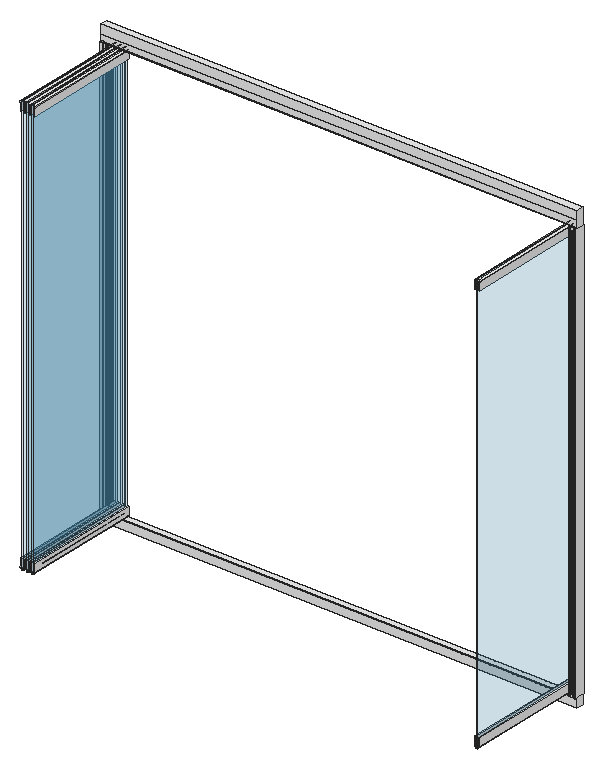
Revit family "Window-NanaWall-SL-25", category Windows, host Wall, Revit 2013
Parameters (values of type "Standard")
  Y N Overide Stack [instance] = yes
  Y N Overide Number of Panels [instance] = no
  Warranty URL = "http://www.nanawall.com/support/warranty"
  URL = "http://www.nanawall.com/cad/configuration?id=28&n=SL25&t=Glass"
  Thickness = 0' - 1 1/4"
  Subcategory = "Folding Window"  # constant formula
  Split Stack Right [instance] = 1
  Split Stack [instance] = yes
  Size Comment [instance] = if(or(Y N Overide Stack, Y N Overide Number of Panels), "CONTACT NANAWALL FOR SPECIAL SIZING", " ")  # "CONTACT NANAWALL FOR SPECIAL SIZING"
  Size Chart [instance] = "http://www.nanawall.com/products/sl25/sizes"
  Single Right Stack [instance] = if(and(Y N Overide Stack, Left Stack), 1 = 0, if(Right Standard = 1, 1 = 1, if(and(C Split Stack, Split Stack Right = 1), 1 = 1, 1 = 0)))  # yes
  Single Panel [instance] = if(and(Open, Width < 3' 3 1/16"), 1 = 1, if(Width > 3' 3", 1 = 0, 1 = 0))  # no
  Single Left Stack [instance] = if(and(not(Y N Overide Stack), (Left Standard = 1)), 1 = 1, if(and(Y N Overide Stack, Left Stack, (Panels = 1)), 1 = 1, (if(and(C Split Stack, Split Stack Right = Panels - 1), 1 = 1, 1 = 0))))  # no
  Sills Available = "Raised, Low Profile Saddle, Flush"  # constant formula
  Sash = Metal - NanaWall - Aluminum
  Rough Width = Width - (2 * (0' 0 121/128"))  # 9' - 10 7/64"
  Rough Height = Height Constraint  # 9' - 2"
  Right Standard [instance] = roundup(Panels / 2)  # 2
  Right Stack Width [instance] = RS C * Thickness  # 0' - 2 1/2"
  Right Stack [instance] = no
  RS C [instance] = if(RS = 1, 2, if(RS = 0, 2, if(C Split Stack, Split Stack Right, RS)))  # 2
  RS [instance] = if(Not Override Stack, Right Standard, if(C Right Stack, Panels, if(C Left Stack, 2, if(C Split Stack, Split Stack Right, 2))))  # 1
  Product Page URL = "http://www.nanawall.com/product/nanaglass"
  Performance URL = "http://www.nanawall.com/products/sl25/testingresult"
  Panels [instance] = if(Y N Overide Number of Panels, Overide Number of Panels, Panel Constraint)  # 4
  Panel Width [instance] = Opening Width / Panels  # 2' - 5 135/256"
  Panel Height = Height Constraint  # 9' - 2"
  Panel Constraint [instance] = if(Width < 6' 0", 2, if(Width < 9' 0", 3, if(Width < 12' 0", 4, if(Width < 15' 0", 5, if(Width < 18' 0", 6, if(Width < 21' 0", 7, if(Width < 24' 0", 8, if(Width < 27' 0", 9, if(Width < 30' 0", 10, if(Width < 33' 0", 11, if(Width < 36' 0", 12, if(Width < 39' 0", 13, if(Width < 42' 0", 14, if(Width < 45' 0", 15, if(Width < 48' 0", 16, if(Width < 51' 0", 17, if(Width < 54' 0", 18, if(Width < 57' 0", 19, if(Width < 60' 0", 20, 21)))))))))))))))))))  # 4
  Overide Number of Panels [instance] = 6
  Opening Width = Width - (0' 0 121/128" * 2)  # 9' - 10 7/64"
  Open Right Single [instance] = if(and(Open, Single Right Stack), 1 = 1, 1 = 0)  # yes
  Open Right Multi [instance] = if(and(Open, Multiple Right Stack), 1 = 1, 1 = 0)  # no
  Open Left Single [instance] = if(and(Open, Single Left Stack), 1 = 1, 1 = 0)  # no
  Open Left Multi [instance] = if(and(Open, Multiple Left Stack), 1 = 1, 1 = 0)  # yes
  Open [instance] = yes
  Not Override Stack [instance] = not(Y N Overide Stack)  # no
  NanaWall Configurator = "http://www.nanawall.com/content/select-wizard"
  Multiple Right Stack [instance] = if(Width < 3' 3 1/16", 1 = 0, if(and(Right Standard < 1.5, Not Override Stack), 1 = 0, if(and(Right Standard > 1, Not Override Stack), 1 = 1, (if(and(C Split Stack, Split Stack Right > 1), 1 = 1, if(C Right Stack, 1 = 1, 1 = 0))))))  # no
  Multiple Panel [instance] = if(and(Open, Width > 3' 3 1/16"), 1 = 0, if(and(Closed, Width > 3' 3 1/16"), 1 = 1, if(Width < 3' 3", 1 = 0, 1 = 1)))  # no
  Multiple Left Stack [instance] = if(and(Left Standard > 1, Not Override Stack), 1 = 1, (if(and(C Split Stack, Split Stack Right < Panels - 1), 1 = 1, if(C Left Stack, 1 = 1, 1 = 0))))  # yes
  Model = if(and(Width < 2' 7 1/16", Height < 6' 6 1/16"), "SL 25", if(and(Width < 2' 7 1/16", Height < 8' 10 1/16"), "SL 25XXL", if(and(Width < 3' 0 1/16", Height < 8' 10 1/16"), "SL25XXL", "SL 25")))  # "SL 25"
  Max Panel Height = if(Panel Height > 9' 6", 9' 6", Panel Height)  # 9' - 2"
  Manufacturer Toll Free Phone = "(888) 411-NANA(6262)"  # constant formula
  Manufacturer Phone = "(415) 383-3148"  # constant formula
  Manufacturer Fax = "(415) 383-0312"  # constant formula
  Manufacturer Email = "mailto:info@nanawall.com"
  Manufacturer Address = "100 Meadowcreek Drive #250, Corte Madera, CA 94925"  # constant formula
  Manufacturer = "NanaWall Systems, Inc."  # constant formula
  Left Standard [instance] = rounddown(Panels / 2)  # 2
  Left Stack Width [instance] = LS C * Thickness  # 0' - 3 3/4"
  Left Stack [instance] = no
  LS C [instance] = if(L S = 1, 2, if(L S = 0, 2, if(C Split Stack, Panels - Split Stack Right, L S)))  # 3
  L S [instance] = if(Not Override Stack, Left Standard, if(C Left Stack, Panels, if(C Right Stack, 2, if(C Split Stack, Panels - Split Stack Right, 2))))  # 3
  Installation and Service URL = "http://www.nanawall.com/support/installer"
  Height Constraint = if(Height < 3' 3", 3' 3", if(Height > 9' 2", 9' 2", Height))  # 9' - 2"
  Height = 9' - 6"
  Wall Closure = By host
  Width = 10' - 0"
  Half Panel Width [instance] = Panel Width / 2  # 1' - 2.76367"
  Glazing Options = "http://www.nanawall.com/products/sl25/glazing"
  Glass Material = Glass - NanaWall - Generic
  Filler = Metal - NanaWall - Aluminum
  Exterior Wall Offset = 0' - 4"
  Engineering Details URL = "http://www.nanawall.com/products/sl25/component"
  Disclaimer = "Please note that the Revit model is for schematic purposes only.  To obtain a detailed 3D model, please go to the NanaWall's configurator at www.nanawall.com."  # constant formula
  Description = "NanaGlass All Glass Opening Window Wall"  # constant formula
  Cost Info = "http://www.nanawall.com/products/sl25/pricing"
  Closed [instance] = not(Open)  # no
  Clearance On [instance] = yes
  C Split Stack [instance] = if(and(Y N Overide Stack, Split Stack), 1 = 1, if(Right Stack, 1 = 0, if(Left Stack, 1 = 0, 1 = 0)))  # yes
  C Right Stack [instance] = if(and(Y N Overide Stack, Right Stack), 1 = 1, if(Left Stack, 1 = 0, if(Split Stack, 1 = 0, 1 = 1)))  # no
  C Left Stack [instance] = if(and(Y N Overide Stack, Left Stack), 1 = 1, if(Right Stack, 1 = 0, if(Split Stack, 1 = 0, 1 = 0)))  # no
  Assembly Code = "B2030110"
  95 CSI = "8411"  # constant formula
  04 CSI = "08 41 13"  # constant formula
Reference planes (in)
  plane 1 "Center (Front/Back)": y = 0
  plane 2 "Center (Left/Right)": x = 0
  plane 3 "Left": x = -60
  plane 4 "Right": x = 60
  plane 5 "Top": z = 110
  plane 6: z = 105.97
  plane 7 "Top Edge Of Sill": z = 0.92188
  plane 8: z = 55
  plane 9: x = -59.05512
  plane 10: x = 59.05512
  plane 11: x = 55.375
  plane 12: y = -1.57422
  plane 13: y = 1.57422
  plane 14 "Sash Offset Plane": y = -1
  plane 15: y = -0.375
  plane 16: x = -54.125
  plane 17: x = -57.875
  plane 18: x = 57.875
Lines and regions (in)
  Opening 1
    outline origin (-90, -3, 0) x (1, 0, 0) y (0, 0, 1)
      loop
        line (30, 0) -> (150, 0) -> (150, 110) -> (30, 110) -> (30, 0)
  symbolic lines, visible <- "Clearance On"
    curve 1: line (-57.875, -0.375, 0) -> (57.875, -0.375, 0)
    curve 2: line (-57.875, -29.90234, 0) -> (-57.875, -0.375, 0)
    curve 3: line (57.875, -29.90234, 0) -> (-57.875, -29.90234, 0)
    curve 4: line (57.875, -0.375, 0) -> (57.875, -29.90234, 0)
  symbolic lines
    curve 5: line (-60, -0.375, 0) -> (60, -0.375, 0)
    curve 6: line (-60, -1.57422, 0) -> (-60, -0.375, 0)
    curve 7: line (60, -1.57422, 0) -> (-60, -1.57422, 0)
    curve 8: line (60, -0.375, 0) -> (60, -1.57422, 0)
    curve 9: line (-59.05512, -1.57422, 0) -> (-59.05512, -0.375, 0)
    curve 10: line (59.05512, -1.57422, 0) -> (59.05512, -0.375, 0)
Text (in)
  text "Exterior" at (-74.96733, 61.50183, 0), in view "Ref. Level"
  text "Interior" at (-74.96733, -39.71944, 0), in view "Ref. Level"
  text "Exterior" at (0, 40.15149, 87.26307), in view "Right"
  text "Interior" at (0, -64.39139, 87.26307), in view "Right"
  text "Interior" at (0, -31.01599, 123.00693), in view "Left"
  text "Exterior" at (0, 54.57065, 123.00693), in view "Left"
Dimensions and locks (in)
  "Height Constraint": level to plane 5 "Top"
  "Width": plane 3 "Left" to plane 4 "Right"
  equal spacing: plane 3 "Left", plane 2 "Center (Left/Right)", plane 4 "Right"
  locked: level to plane 7 "Top Edge Of Sill" at 0.92188
  locked: plane 6 to plane 5 "Top" at 4.03
  equal spacing: level, plane 8, plane 5 "Top"
  locked: plane 3 "Left" to plane 9 at 0.94488
  locked: plane 10 to plane 4 "Right" at 0.94488
  host wall to host wall = 22' - 0"
  equal spacing: plane 13, host wall, plane 12
  locked: plane 13 to plane 12 at 3.14844
  equal spacing: group 1, group 3, group 4, group 2  (x3)
  "Exterior Wall Offset": host wall to plane 14 "Sash Offset Plane"
  locked: plane 15 to plane 14 "Sash Offset Plane" at 0.625
  group 6 to group 5 = 0' - 1 1/4"
  group 5 to group 6 = 0' - 0"  (x2)
  plane 3 "Left" to plane 9 = 0' - 0.94488"
  equal spacing: group 7, group 13, group 8  (x3)
  equal spacing: group 9, group 14, group 10  (x3)
  group 12 to group 11 = 0' - 1 1/4"
  group 11 to group 12 = 0' - 0"  (x2)
  locked: curve 4 to plane 18 at 0
  "Panel Width": plane 15 to curve 3
  locked: plane 3 "Left" to plane 17 at 2.125
  "Left Stack Width": plane 17 to plane 16
  locked: plane 18 to plane 4 "Right" at 2.125
  "Right Stack Width": plane 11 to plane 18
  aligned and locked: plane 3 "Left" to Opening 1 sketch curve
  aligned and locked: plane 5 "Top" to Opening 1 sketch curve  (x2)
  aligned and locked: Opening 1 sketch curve to plane 4 "Right"
  aligned and locked: Opening 1 sketch curve to level
  aligned and locked: nested 1 to plane 3 "Left"
  aligned and locked: nested 2 to plane 4 "Right"
  aligned and locked: nested 4 to plane 5 "Top"
  aligned and locked: plane 14 "Sash Offset Plane" to nested 3
  aligned and locked: nested 1 to plane 14 "Sash Offset Plane"
  aligned and locked: plane 14 "Sash Offset Plane" to nested 2
  aligned and locked: nested 5 to plane 14 "Sash Offset Plane"
  aligned and locked: plane 15 to nested 9
  aligned and locked: nested 10 to plane 11
  aligned and locked: plane 15 to nested 10
  aligned and locked: nested 4 to plane 14 "Sash Offset Plane"
  aligned and locked: plane 14 "Sash Offset Plane" to nested 6
  aligned and locked: nested 5 to plane 3 "Left"
  aligned and locked: nested 5 to plane 4 "Right"
  aligned and locked: nested 6 to plane 10
  aligned and locked: nested 3 to plane 9
  aligned and locked: level to nested 5
  aligned and locked: plane 15 to nested 11
  aligned and locked: nested 12 to plane 16
  aligned and locked: plane 15 to nested 13
  aligned and locked: plane 15 to nested 14
  aligned and locked: plane 15 to nested 12
  aligned and locked: nested 15 to plane 15
  aligned and locked: nested 16 to plane 16
  aligned and locked: nested 16 to plane 15
  aligned and locked: nested 17 to plane 15
  aligned and locked: nested 18 to plane 11
  aligned and locked: nested 18 to plane 15
  aligned and locked: nested 20 to plane 15
  aligned and locked: nested 19 to plane 15
  aligned and locked: plane 17 to nested 15
  aligned and locked: plane 17 to nested 11
  aligned and locked: plane 17 to nested 13
  aligned and locked: plane 17 to nested 20
  aligned and locked: nested 17 to plane 18
  aligned and locked: nested 19 to plane 18
  aligned and locked: plane 18 to nested 9
  aligned and locked: plane 18 to nested 14
  aligned and locked: curve 2 to plane 17
  aligned and locked: curve 5 to plane 15
  aligned and locked: curve 6 to plane 3 "Left"
  aligned and locked: plane 12 to curve 7
  aligned and locked: plane 4 "Right" to curve 8
  aligned and locked: curve 9 to plane 9
  aligned and locked: plane 10 to curve 10
  aligned and locked: nested 1 to plane 6
  aligned and locked: plane 6 to nested 2
Automatic sketch dimensions
  curve 1 to plane 15 = 0' - 0"
Nested families (in)
  nested 1: "Left-Jamb_SL-25" at (-52.69793, -1, 0.00125), type "Left-Jamb_SL-25"
  nested 2: "Right-Jamb_SL-25" at (52.69793, -1, 0.00125) x (-1, 0, 0) z (0, 0, 1), type "Right-Jamb_SL-25"
  nested 3: "Sash_SL-25_NanaWall" at (-44.33252, -9.125, 0) x (-1, 0, 0) z (0, 0, 1), visible <- "Closed", type "Sash_SL-25_NanaWall"
  nested 4: "Header_SL-25" at (7.30207, -1, 0), type "Header_SL-25"
  nested 5: "Sill_SL-25" at (7.30207, -1, -2.21774), type "Sill_SL-25"
  nested 6: "Sash_SL-25_NanaWall" at (44.35721, -9.125, 0) x (-1, 0, 0) z (0, 0, 1), visible <- "Closed", type "Sash_SL-25_NanaWall"
  nested 7: "Sash_SL-25_NanaWall" at (-14.76927, -9.125, 0) x (-1, 0, 0) z (0, 0, 1), visible <- "Closed", type "Sash_SL-25_NanaWall"
  nested 8: "Sash_SL-25_NanaWall" at (14.79397, -9.125, 0) x (-1, 0, 0) z (0, 0, 1), visible <- "Closed", type "Sash_SL-25_NanaWall"
  nested 9: "DetailItem_Panel" at (57.20473, -13.47851, 0), visible <- "Multiple Right Stack", type "DetailItem_Panel"
    with Panel Thickness 0' - 1 1/4"
  nested 10: "DetailItem_Panel" at (55.95473, -13.47851, 0), visible <- "Multiple Right Stack", type "DetailItem_Panel"
    with Panel Thickness 0' - 1 1/4"
  nested 11: "DetailItem_Panel" at (-57.29527, -13.47851, 0), visible <- "Multiple Left Stack", type "DetailItem_Panel"
    with Panel Thickness 0' - 1 1/4"
  nested 12: "DetailItem_Panel" at (-54.79527, -13.47851, 0), visible <- "Multiple Left Stack", type "DetailItem_Panel"
    with Panel Thickness 0' - 1 1/4"
  nested 13: "DetailItem_Panel" at (-57.29527, -13.47851, 0), visible <- "Single Left Stack", type "DetailItem_Panel"
    with Panel Thickness 0' - 1 1/4"
  nested 14: "DetailItem_Panel" at (57.20473, -13.47851, 0), visible <- "Single Right Stack", type "DetailItem_Panel"
    with Panel Thickness 0' - 1 1/4"
  nested 15: "Sash_SL-25_NanaWall" at (-65.375, -15.0976, 0) x (0, 1, 0) z (0, 0, 1), visible <- "Open Left Multi", type "Sash_SL-25_NanaWall"
  nested 16: "Sash_SL-25_NanaWall" at (-62.875, -15.0976, 0) x (0, 1, 0) z (0, 0, 1), visible <- "Open Left Multi", type "Sash_SL-25_NanaWall"
  nested 17: "Sash_SL-25_NanaWall" at (49.125, -15.0976, 0) x (0, 1, 0) z (0, 0, 1), visible <- "Open Right Multi", type "Sash_SL-25_NanaWall"
  nested 18: "Sash_SL-25_NanaWall" at (47.875, -15.0976, 0) x (0, 1, 0) z (0, 0, 1), visible <- "Open Right Multi", type "Sash_SL-25_NanaWall"
  nested 19: "Sash_SL-25_NanaWall" at (49.125, -15.0976, 0) x (0, 1, 0) z (0, 0, 1), visible <- "Open Right Single", type "Sash_SL-25_NanaWall"
  nested 20: "Sash_SL-25_NanaWall" at (-65.375, -15.0976, 0) x (0, 1, 0) z (0, 0, 1), visible <- "Open Left Single", type "Sash_SL-25_NanaWall"
  nested 21: "DetailItem_Panel" at (-56.04527, -13.47851, 0), visible <- "Multiple Left Stack", type "DetailItem_Panel"
    with Panel Thickness 0' - 1 1/4"
  nested 22: "Sash_SL-25_NanaWall" at (-64.125, -15.0976, 0) x (0, 1, 0) z (0, 0, 1), visible <- "Open Left Multi", type "Sash_SL-25_NanaWall"
Definition of nested family "Left-Jamb_SL-25"
  Parameters (values of type "Left-Jamb_SL-25")
    Width = 5' - 0"
    Left Jamb = none
    Height = 9' - 2"
    Half = no
    Assembly Code = ""
  Reference planes (in)
    plane 1 "Center (Front/Back)": y = 0
    plane 2: z = 0
    plane 3 "Center (Left/Right)": x = -7.30207
    plane 4 "Top": z = 110
    plane 5: z = 105.96875
  Forms (in)
    Sweep 1, solid, material <- "Left Jamb"
      path origin (-7.30207, -0.13672, 0) x (0, 1, 0) y (0, 0, 1)
        loop
          line (0, 105.96875) -> (0, 0)
      profile origin (-7.30207, -0.13672, 52.98438) x (1, 0, 0) y (0, 1, 0)
        loop
          line (0, 1.30691) -> (0, -0.94309) -> (1.90628, -0.94309)
          arc (1.90628, -0.94309) -> (1.9433, -0.92961) -> (1.963, -0.89549) r 0.05759
          line (1.963, -0.89549) -> (2.0128, -0.61304)
          arc (2.0128, -0.61304) -> (2.00442, -0.58177) -> (1.97508, -0.56809) r 0.0383
          line (1.97508, -0.56809) -> (1.65956, -0.56809)
          arc (1.65956, -0.56809) -> (1.63047, -0.58014) -> (1.61842, -0.60923) r 0.04114
          line (1.61842, -0.60923) -> (1.61842, -0.88388) -> (1.37294, -0.88388) -> (1.42075, -0.61275)
          arc (1.42075, -0.61275) -> (1.41242, -0.58168) -> (1.38327, -0.56809) r 0.03805
          line (1.38327, -0.56809) -> (1.06461, -0.56809)
          arc (1.06461, -0.56809) -> (1.03753, -0.5793) -> (1.02632, -0.60638) r 0.03829
          line (1.02632, -0.60638) -> (1.02632, -0.88388) -> (0.66316, -0.88388) -> (0.66316, 1.2477) -> (1.21579, 1.2477) -> (1.21579, 1.11349)
          arc (1.21579, 1.11349) -> (1.23947, 1.08981) -> (1.26316, 1.11349) r 0.02368
          line (1.26316, 1.11349) -> (1.26316, 1.25954) -> (1.43684, 1.25954)
          arc (1.43684, 1.25954) -> (1.46053, 1.28323) -> (1.43684, 1.30691) r 0.02368
          line (1.43684, 1.30691) -> (0, 1.30691)
        loop
          line (0.07105, 1.2477) -> (0.07105, -0.88388) -> (0.59211, -0.88388) -> (0.59211, 1.2477) -> (0.07105, 1.2477)
  Lines and regions (in)
    Masking region 1
      outline origin (0, 0, 0) x (1, 0, 0) y (0, 1, 0)
        loop
          line (-7.30207, 1.17019) -> (-7.30207, -1.07981) -> (-5.39579, -1.07981)
          arc (-5.39579, -1.07981) -> (-5.35877, -1.06633) -> (-5.33907, -1.03221) r 0.05759
          line (-5.33907, -1.03221) -> (-5.28927, -0.74976)
          arc (-5.28927, -0.74976) -> (-5.29765, -0.71849) -> (-5.32699, -0.70481) r 0.0383
          line (-5.32699, -0.70481) -> (-5.64251, -0.70481)
          arc (-5.64251, -0.70481) -> (-5.6716, -0.71686) -> (-5.68365, -0.74595) r 0.04114
          line (-5.68365, -0.74595) -> (-5.68365, -1.02059) -> (-5.92913, -1.02059) -> (-5.88132, -0.74947)
          arc (-5.88132, -0.74947) -> (-5.88965, -0.7184) -> (-5.9188, -0.70481) r 0.03805
          line (-5.9188, -0.70481) -> (-6.23746, -0.70481)
          arc (-6.23746, -0.70481) -> (-6.26454, -0.71602) -> (-6.27575, -0.7431) r 0.03829
          line (-6.27575, -0.7431) -> (-6.27575, -1.02059) -> (-6.63891, -1.02059) -> (-6.63891, 1.11098) -> (-6.08628, 1.11098) -> (-6.08628, 0.97677)
          arc (-6.08628, 0.97677) -> (-6.0626, 0.95309) -> (-6.03891, 0.97677) r 0.02368
          line (-6.03891, 0.97677) -> (-6.03891, 1.12283) -> (-5.86523, 1.12283)
          arc (-5.86523, 1.12283) -> (-5.84154, 1.14651) -> (-5.86523, 1.17019) r 0.02368
          line (-5.86523, 1.17019) -> (-7.30207, 1.17019)
        loop
          line (-7.23102, -1.02059) -> (-6.70996, -1.02059) -> (-6.70996, 1.11098) -> (-7.23102, 1.11098) -> (-7.23102, -1.02059)
  Dimensions and locks (in)
    "Height": plane 4 "Top" to level
    plane 4 "Top" to level = 9' - 2"
    locked: plane 4 "Top" to plane 5 at 4.03125
    aligned and locked: level to Sweep 1 sketch curve
    aligned and locked: plane 3 "Center (Left/Right)" to nested 1
    aligned and locked: Sweep 1 sketch curve to nested 1  (x14)
    aligned and locked: nested 1 to Sweep 1 sketch curve  (x2)
    aligned and locked: Masking region 1 sketch curve to plane 3 "Center (Left/Right)"
    aligned and locked: Masking region 1 sketch curve to Sweep 1  (x19)
    aligned and locked: plane 5 to Sweep 1 sketch curve
  Automatic sketch dimensions
    Sweep 1 sketch curve to profile plane = 0' - 0"
    Sweep 1 sketch curve to Sweep 1 sketch curve = 0' - 0.03829"
    profile plane to Sweep 1 sketch curve = 0' - 0.88388"
    Sweep 1 sketch curve to Sweep 1 sketch curve = 0' - 0.23515"
    Sweep 1 sketch curve to Sweep 1 sketch curve = 0' - 0.03748"
    Sweep 1 sketch curve to Sweep 1 sketch curve = 0' - 0.04114"
    Sweep 1 sketch curve to Sweep 1 sketch curve = 0' - 0.28786"
    Sweep 1 sketch curve to Sweep 1 sketch curve = 0' - 0.05672"
    Sweep 1 sketch curve to Sweep 1 sketch curve = 0' - 0.31551"
    Sweep 1 sketch curve to Sweep 1 sketch curve = 0' - 0.03772"
    Sweep 1 sketch curve to Sweep 1 sketch curve = 0' - 0"  (x2)
    Masking region 1 sketch curve to Masking region 1 sketch curve = 0' - 0.00352"
    Masking region 1 sketch curve to Masking region 1 sketch curve = 0' - 0.03772"
    plane 1 "Center (Front/Back)" to Masking region 1 sketch curve = 0' - 1.03221"
    plane 1 "Center (Front/Back)" to Sweep 1 sketch curve = 0' - 0 35/256"
  Nested families (in)
    nested 1: "Detail Item_Right-Jamb_SL-25" at (-7.30207, 0.02546, 0), type "Detail Item_Right-Jamb_SL-25", detail levels fine
  Definition of nested family "Detail Item_Right-Jamb_SL-25"
    Parameters (values of type "Detail Item_Left-Jamb_SL-70")
      SmartBIM Object Version = 1
      SmartBIM Object Created By = "Reed Construction Data"
      Half = yes
      Assembly Code = ""
      95 CSI = ""
      04 CSI = ""
    Types (3): name | Half
      Detail Item_Left-Jamb_SL-70 | yes
      Detail Item_Right-Jamb_SL-70 | no
      Detail Item_Right-Jamb_SL-25 | no
    Reference planes (in)
      plane 1 "Center (Front/Back)": y = 0
      plane 2: z = 0
      plane 3 "Center (Left/Right)": x = 0
    Lines and regions (in)
      model lines, style "DetailComponents", in view "Ref. Level"
        curve 1: arc (1.38158, -0.73026, 0) -> (1.41182, -0.74436, 0) -> (1.42045, -0.77659, 0) r 0.03947
        curve 2: arc (1.37113, -1.05633, 0) -> (1.35088, -1.09141, 0) -> (1.31282, -1.10526, 0) r 0.05921
        curve 3: arc (1.02632, -0.76974, 0) -> (1.03788, -0.74182, 0) -> (1.06579, -0.73026, 0) r 0.03947
        curve 4: arc (1.97368, -0.73026, 0) -> (2.00392, -0.74436, 0) -> (2.01256, -0.77659, 0) r 0.03947
        curve 5: arc (1.96323, -1.05633, 0) -> (1.94298, -1.09141, 0) -> (1.90492, -1.10526, 0) r 0.05921
        curve 6: arc (1.43684, 1.14474, 0) -> (1.46053, 1.12105, 0) -> (1.43684, 1.09737, 0) r 0.02368
        curve 7: arc (1.26316, 0.95132, 0) -> (1.23947, 0.92763, 0) -> (1.21579, 0.95132, 0) r 0.02368
        curve 8: arc (1.61842, -0.76974, 0) -> (1.62998, -0.74182, 0) -> (1.65789, -0.73026, 0) r 0.03947
        curve 9: arc (1.85526, -0.73026, 0) -> (1.86364, -0.73373, 0) -> (1.86711, -0.74211, 0) r 0.01184
        curve 10: arc (1.86711, -0.78947, 0) -> (1.86364, -0.79785, 0) -> (1.85526, -0.80132, 0) r 0.01184
        curve 11: arc (1.77632, -0.80132, 0) -> (1.76794, -0.79785, 0) -> (1.76447, -0.78947, 0) r 0.01184
        curve 12: arc (1.76447, -0.74211, 0) -> (1.76794, -0.73373, 0) -> (1.77632, -0.73026, 0) r 0.01184
        curve 13: arc (1.75015, -0.61231, 0) -> (1.7762, -0.64614, 0) -> (1.74474, -0.675, 0) r 0.03158
        curve 14: arc (1.67763, -0.73026, 0) -> (1.69382, -0.69119, 0) -> (1.73289, -0.675, 0) r 0.05526
        curve 15: arc (1.71227, -0.79862, 0) -> (1.70944, -0.79049, 0) -> (1.71573, -0.7846, 0) r 0.00789
        curve 16: arc (1.91584, -0.7846, 0) -> (1.92214, -0.79049, 0) -> (1.9193, -0.79862, 0) r 0.00789
        curve 17: arc (2.025, -0.57477, 0) -> (2.01566, -0.65331, 0) -> (1.99737, -0.73026, 0) r 0.68825
        curve 18: arc (1.9856, -0.53289, 0) -> (2.01435, -0.54532, 0) -> (2.025, -0.57477, 0) r 0.03947
        curve 19: arc (1.875, -0.54446, 0) -> (1.88781, -0.5359, 0) -> (1.90291, -0.53289, 0) r 0.03947
        curve 20: arc (1.84732, -0.57214, 0) -> (1.83132, -0.58186, 0) -> (1.81264, -0.58311, 0) r 0.03947
        curve 21: arc (1.77256, -0.62848, 0) -> (1.74714, -0.62221, 0) -> (1.72518, -0.60796, 0) r 0.07895
        curve 22: line (1.42045, -0.77659, 0) -> (1.37113, -1.05633, 0)
        curve 23: line (1.31282, -1.10526, 0) -> (0, -1.10526, 0)
        curve 24: line (0, -1.10526, 0) -> (0, 1.14474, 0)
        curve 25: line (0, 1.14474, 0) -> (0.84474, 1.14474, 0)
        curve 26: line (0.59211, 1.08553, 0) -> (0.07105, 1.08553, 0)
        curve 27: line (0.07105, 1.08553, 0) -> (0.07105, 0.04025, 0)
        curve 28: line (0.07105, 0.04025, 0) -> (0.05921, 0.01974, 0)
        curve 29: line (0.05921, 0.01974, 0) -> (0.07105, -0.00077, 0)
        curve 30: line (0.07105, -0.00077, 0) -> (0.07105, -1.04605, 0)
        curve 31: line (0.07105, -1.04605, 0) -> (1.02632, -1.04605, 0)
        curve 32: line (1.02632, -1.04605, 0) -> (1.02632, -0.76974, 0)
        curve 33: line (1.06579, -0.73026, 0) -> (1.13487, -0.73026, 0)
        curve 34: line (1.13487, -0.73026, 0) -> (1.13487, -0.76974, 0)
        curve 35: line (1.13487, -0.76974, 0) -> (1.08553, -0.76974, 0)
        curve 36: line (1.08553, -0.76974, 0) -> (1.08553, -1.04605, 0)
        curve 37: line (1.08553, -1.04605, 0) -> (1.31282, -1.04605, 0)
        curve 38: line (1.31282, -1.04605, 0) -> (1.36154, -0.76974, 0)
        curve 39: line (1.36154, -0.76974, 0) -> (1.3125, -0.76974, 0)
        curve 40: line (1.3125, -0.76974, 0) -> (1.3125, -0.73026, 0)
        curve 41: line (1.3125, -0.73026, 0) -> (1.38158, -0.73026, 0)
        curve 42: line (2.01256, -0.77659, 0) -> (1.96323, -1.05633, 0)
        curve 43: line (1.90492, -1.10526, 0) -> (0.59211, -1.10526, 0)
        curve 44: line (0.59211, -1.10526, 0) -> (0.59211, 1.14474, 0)
        curve 45: line (0.59211, 1.14474, 0) -> (1.43684, 1.14474, 0)
        curve 46: line (1.43684, 1.09737, 0) -> (1.26316, 1.09737, 0)
        curve 47: line (1.26316, 1.09737, 0) -> (1.26316, 0.95132, 0)
        curve 48: line (1.21579, 0.95132, 0) -> (1.21579, 1.08553, 0)
        curve 49: line (1.21579, 1.08553, 0) -> (0.66316, 1.08553, 0)
        curve 50: line (0.66316, 1.08553, 0) -> (0.66316, 0.04025, 0)
        curve 51: line (0.66316, 0.04025, 0) -> (0.65132, 0.01974, 0)
        curve 52: line (0.65132, 0.01974, 0) -> (0.66316, -0.00077, 0)
        curve 53: line (0.66316, -0.00077, 0) -> (0.66316, -1.04605, 0)
        curve 54: line (0.66316, -1.04605, 0) -> (1.61842, -1.04605, 0)
        curve 55: line (1.61842, -1.04605, 0) -> (1.61842, -0.76974, 0)
        curve 56: line (1.65789, -0.73026, 0) -> (1.72697, -0.73026, 0)
        curve 57: line (1.72697, -0.73026, 0) -> (1.72697, -0.76974, 0)
        curve 58: line (1.72697, -0.76974, 0) -> (1.67763, -0.76974, 0)
        curve 59: line (1.67763, -0.76974, 0) -> (1.67763, -1.04605, 0)
        curve 60: line (1.67763, -1.04605, 0) -> (1.90492, -1.04605, 0)
        curve 61: line (1.90492, -1.04605, 0) -> (1.95364, -0.76974, 0)
        curve 62: line (1.95364, -0.76974, 0) -> (1.90461, -0.76974, 0)
        curve 63: line (1.90461, -0.76974, 0) -> (1.90461, -0.73026, 0)
        curve 64: line (1.90461, -0.73026, 0) -> (1.97368, -0.73026, 0)
        curve 65: line (1.72697, -0.73026, 0) -> (1.67763, -0.73026, 0)
        curve 66: line (1.67763, -0.73026, 0) -> (1.73289, -0.73026, 0)
        curve 67: line (1.73289, -0.73026, 0) -> (1.73289, -0.78158, 0)
        curve 68: line (1.73289, -0.78158, 0) -> (1.71573, -0.7846, 0)
        curve 69: line (1.86711, -0.74211, 0) -> (1.86711, -0.78947, 0)
        curve 70: line (1.85526, -0.80132, 0) -> (1.77632, -0.80132, 0)
        curve 71: line (1.76447, -0.78947, 0) -> (1.76447, -0.74211, 0)
        curve 72: line (1.77632, -0.73026, 0) -> (1.85526, -0.73026, 0)
        curve 73: line (1.84732, -0.57214, 0) -> (1.875, -0.54446, 0)
        curve 74: line (1.75015, -0.61231, 0) -> (1.67368, -0.59901, 0)
        curve 75: line (1.67368, -0.59901, 0) -> (1.68519, -0.53289, 0)
        curve 76: line (1.68519, -0.53289, 0) -> (1.72408, -0.53966, 0)
        curve 77: line (1.72408, -0.53966, 0) -> (1.71934, -0.56688, 0)
        curve 78: line (1.71934, -0.56688, 0) -> (1.81264, -0.58311, 0)
        curve 79: line (1.73289, -0.675, 0) -> (1.74474, -0.675, 0)
        curve 80: line (1.9193, -0.79862, 0) -> (1.875, -0.83289, 0)
        curve 81: line (1.875, -0.83289, 0) -> (1.75658, -0.83289, 0)
        curve 82: line (1.75658, -0.83289, 0) -> (1.71227, -0.79862, 0)
        curve 83: line (1.99737, -0.73026, 0) -> (1.89868, -0.73026, 0)
        curve 84: line (1.89868, -0.73026, 0) -> (1.89868, -0.78158, 0)
        curve 85: line (1.89868, -0.78158, 0) -> (1.91584, -0.7846, 0)
        curve 86: line (1.90291, -0.53289, 0) -> (1.9856, -0.53289, 0)
Definition of nested family "Right-Jamb_SL-25"
  Parameters (values of type "Right-Jamb_SL-25")
    Width = 5' - 0"
    Left Jamb = none
    Height = 9' - 2"
    Half = no
    Assembly Code = ""
  Reference planes (in)
    plane 1 "Center (Front/Back)": y = 0
    plane 2: z = 0
    plane 3 "Center (Left/Right)": x = -7.30207
    plane 4 "Top": z = 110
    plane 5: z = 105.96875
  Forms (in)
    Sweep 1, solid, material <- "Left Jamb"
      path origin (-7.30207, -0.13672, 0) x (0, 1, 0) y (0, 0, 1)
        loop
          line (0, 105.96875) -> (0, 0)
      profile origin (-7.30207, -0.13672, 52.98438) x (1, 0, 0) y (0, 1, 0)
        loop
          line (0, 1.30691) -> (0, -0.94309) -> (1.90628, -0.94309)
          arc (1.90628, -0.94309) -> (1.9433, -0.92961) -> (1.963, -0.89549) r 0.05759
          line (1.963, -0.89549) -> (2.0128, -0.61304)
          arc (2.0128, -0.61304) -> (2.00442, -0.58177) -> (1.97508, -0.56809) r 0.0383
          line (1.97508, -0.56809) -> (1.65956, -0.56809)
          arc (1.65956, -0.56809) -> (1.63047, -0.58014) -> (1.61842, -0.60923) r 0.04114
          line (1.61842, -0.60923) -> (1.61842, -0.88388) -> (1.37294, -0.88388) -> (1.42075, -0.61275)
          arc (1.42075, -0.61275) -> (1.41242, -0.58168) -> (1.38327, -0.56809) r 0.03805
          line (1.38327, -0.56809) -> (1.06461, -0.56809)
          arc (1.06461, -0.56809) -> (1.03753, -0.5793) -> (1.02632, -0.60638) r 0.03829
          line (1.02632, -0.60638) -> (1.02632, -0.88388) -> (0.66316, -0.88388) -> (0.66316, 1.2477) -> (1.21579, 1.2477) -> (1.21579, 1.11349)
          arc (1.21579, 1.11349) -> (1.23947, 1.08981) -> (1.26316, 1.11349) r 0.02368
          line (1.26316, 1.11349) -> (1.26316, 1.25954) -> (1.43684, 1.25954)
          arc (1.43684, 1.25954) -> (1.46053, 1.28323) -> (1.43684, 1.30691) r 0.02368
          line (1.43684, 1.30691) -> (0, 1.30691)
        loop
          line (0.07105, 1.2477) -> (0.07105, -0.88388) -> (0.59211, -0.88388) -> (0.59211, 1.2477) -> (0.07105, 1.2477)
  Lines and regions (in)
    Masking region 1
      outline origin (0, 0, 0) x (1, 0, 0) y (0, 1, 0)
        loop
          line (-7.30207, 1.17019) -> (-7.30207, -1.07981) -> (-5.39579, -1.07981)
          arc (-5.39579, -1.07981) -> (-5.35877, -1.06633) -> (-5.33907, -1.03221) r 0.05759
          line (-5.33907, -1.03221) -> (-5.28927, -0.74976)
          arc (-5.28927, -0.74976) -> (-5.29765, -0.71849) -> (-5.32699, -0.70481) r 0.0383
          line (-5.32699, -0.70481) -> (-5.64251, -0.70481)
          arc (-5.64251, -0.70481) -> (-5.6716, -0.71686) -> (-5.68365, -0.74595) r 0.04114
          line (-5.68365, -0.74595) -> (-5.68365, -1.02059) -> (-5.92913, -1.02059) -> (-5.88132, -0.74947)
          arc (-5.88132, -0.74947) -> (-5.88965, -0.7184) -> (-5.9188, -0.70481) r 0.03805
          line (-5.9188, -0.70481) -> (-6.23746, -0.70481)
          arc (-6.23746, -0.70481) -> (-6.26454, -0.71602) -> (-6.27575, -0.7431) r 0.03829
          line (-6.27575, -0.7431) -> (-6.27575, -1.02059) -> (-6.63891, -1.02059) -> (-6.63891, 1.11098) -> (-6.08628, 1.11098) -> (-6.08628, 0.97677)
          arc (-6.08628, 0.97677) -> (-6.0626, 0.95309) -> (-6.03891, 0.97677) r 0.02368
          line (-6.03891, 0.97677) -> (-6.03891, 1.12283) -> (-5.86523, 1.12283)
          arc (-5.86523, 1.12283) -> (-5.84154, 1.14651) -> (-5.86523, 1.17019) r 0.02368
          line (-5.86523, 1.17019) -> (-7.30207, 1.17019)
        loop
          line (-7.23102, -1.02059) -> (-6.70996, -1.02059) -> (-6.70996, 1.11098) -> (-7.23102, 1.11098) -> (-7.23102, -1.02059)
  Dimensions and locks (in)
    "Height": plane 4 "Top" to level
    plane 4 "Top" to level = 9' - 2"
    locked: plane 4 "Top" to plane 5 at 4.03125
    aligned and locked: level to Sweep 1 sketch curve
    aligned and locked: plane 3 "Center (Left/Right)" to nested 1
    aligned and locked: Sweep 1 sketch curve to nested 1  (x14)
    aligned and locked: nested 1 to Sweep 1 sketch curve  (x2)
    aligned and locked: Masking region 1 sketch curve to plane 3 "Center (Left/Right)"
    aligned and locked: Masking region 1 sketch curve to Sweep 1  (x19)
    aligned and locked: plane 5 to Sweep 1 sketch curve
  Automatic sketch dimensions
    Sweep 1 sketch curve to profile plane = 0' - 0"
    Sweep 1 sketch curve to Sweep 1 sketch curve = 0' - 0.03829"
    profile plane to Sweep 1 sketch curve = 0' - 0.88388"
    Sweep 1 sketch curve to Sweep 1 sketch curve = 0' - 0.23515"
    Sweep 1 sketch curve to Sweep 1 sketch curve = 0' - 0.03748"
    Sweep 1 sketch curve to Sweep 1 sketch curve = 0' - 0.04114"
    Sweep 1 sketch curve to Sweep 1 sketch curve = 0' - 0.28786"
    Sweep 1 sketch curve to Sweep 1 sketch curve = 0' - 0.05672"
    Sweep 1 sketch curve to Sweep 1 sketch curve = 0' - 0.31551"
    Sweep 1 sketch curve to Sweep 1 sketch curve = 0' - 0.03772"
    Sweep 1 sketch curve to Sweep 1 sketch curve = 0' - 0"  (x2)
    Masking region 1 sketch curve to Masking region 1 sketch curve = 0' - 0.00352"
    Masking region 1 sketch curve to Masking region 1 sketch curve = 0' - 0.03772"
    plane 1 "Center (Front/Back)" to Masking region 1 sketch curve = 0' - 1.03221"
    plane 1 "Center (Front/Back)" to Sweep 1 sketch curve = 0' - 0 35/256"
  Nested families (in)
    nested 1: "Detail Item_Right-Jamb_SL-25" at (-7.30207, 0.02546, 0), type "Detail Item_Right-Jamb_SL-25", detail levels fine
  Definition of nested family "Detail Item_Right-Jamb_SL-25"
    Parameters (values of type "Detail Item_Left-Jamb_SL-70")
      SmartBIM Object Version = 1
      SmartBIM Object Created By = "Reed Construction Data"
      Half = yes
      Assembly Code = ""
      95 CSI = ""
      04 CSI = ""
    Types (3): name | Half
      Detail Item_Left-Jamb_SL-70 | yes
      Detail Item_Right-Jamb_SL-70 | no
      Detail Item_Right-Jamb_SL-25 | no
    Reference planes (in)
      plane 1 "Center (Front/Back)": y = 0
      plane 2: z = 0
      plane 3 "Center (Left/Right)": x = 0
    Lines and regions (in)
      model lines, style "DetailComponents", in view "Ref. Level"
        curve 1: arc (1.38158, -0.73026, 0) -> (1.41182, -0.74436, 0) -> (1.42045, -0.77659, 0) r 0.03947
        curve 2: arc (1.37113, -1.05633, 0) -> (1.35088, -1.09141, 0) -> (1.31282, -1.10526, 0) r 0.05921
        curve 3: arc (1.02632, -0.76974, 0) -> (1.03788, -0.74182, 0) -> (1.06579, -0.73026, 0) r 0.03947
        curve 4: arc (1.97368, -0.73026, 0) -> (2.00392, -0.74436, 0) -> (2.01256, -0.77659, 0) r 0.03947
        curve 5: arc (1.96323, -1.05633, 0) -> (1.94298, -1.09141, 0) -> (1.90492, -1.10526, 0) r 0.05921
        curve 6: arc (1.43684, 1.14474, 0) -> (1.46053, 1.12105, 0) -> (1.43684, 1.09737, 0) r 0.02368
        curve 7: arc (1.26316, 0.95132, 0) -> (1.23947, 0.92763, 0) -> (1.21579, 0.95132, 0) r 0.02368
        curve 8: arc (1.61842, -0.76974, 0) -> (1.62998, -0.74182, 0) -> (1.65789, -0.73026, 0) r 0.03947
        curve 9: arc (1.85526, -0.73026, 0) -> (1.86364, -0.73373, 0) -> (1.86711, -0.74211, 0) r 0.01184
        curve 10: arc (1.86711, -0.78947, 0) -> (1.86364, -0.79785, 0) -> (1.85526, -0.80132, 0) r 0.01184
        curve 11: arc (1.77632, -0.80132, 0) -> (1.76794, -0.79785, 0) -> (1.76447, -0.78947, 0) r 0.01184
        curve 12: arc (1.76447, -0.74211, 0) -> (1.76794, -0.73373, 0) -> (1.77632, -0.73026, 0) r 0.01184
        curve 13: arc (1.75015, -0.61231, 0) -> (1.7762, -0.64614, 0) -> (1.74474, -0.675, 0) r 0.03158
        curve 14: arc (1.67763, -0.73026, 0) -> (1.69382, -0.69119, 0) -> (1.73289, -0.675, 0) r 0.05526
        curve 15: arc (1.71227, -0.79862, 0) -> (1.70944, -0.79049, 0) -> (1.71573, -0.7846, 0) r 0.00789
        curve 16: arc (1.91584, -0.7846, 0) -> (1.92214, -0.79049, 0) -> (1.9193, -0.79862, 0) r 0.00789
        curve 17: arc (2.025, -0.57477, 0) -> (2.01566, -0.65331, 0) -> (1.99737, -0.73026, 0) r 0.68825
        curve 18: arc (1.9856, -0.53289, 0) -> (2.01435, -0.54532, 0) -> (2.025, -0.57477, 0) r 0.03947
        curve 19: arc (1.875, -0.54446, 0) -> (1.88781, -0.5359, 0) -> (1.90291, -0.53289, 0) r 0.03947
        curve 20: arc (1.84732, -0.57214, 0) -> (1.83132, -0.58186, 0) -> (1.81264, -0.58311, 0) r 0.03947
        curve 21: arc (1.77256, -0.62848, 0) -> (1.74714, -0.62221, 0) -> (1.72518, -0.60796, 0) r 0.07895
        curve 22: line (1.42045, -0.77659, 0) -> (1.37113, -1.05633, 0)
        curve 23: line (1.31282, -1.10526, 0) -> (0, -1.10526, 0)
        curve 24: line (0, -1.10526, 0) -> (0, 1.14474, 0)
        curve 25: line (0, 1.14474, 0) -> (0.84474, 1.14474, 0)
        curve 26: line (0.59211, 1.08553, 0) -> (0.07105, 1.08553, 0)
        curve 27: line (0.07105, 1.08553, 0) -> (0.07105, 0.04025, 0)
        curve 28: line (0.07105, 0.04025, 0) -> (0.05921, 0.01974, 0)
        curve 29: line (0.05921, 0.01974, 0) -> (0.07105, -0.00077, 0)
        curve 30: line (0.07105, -0.00077, 0) -> (0.07105, -1.04605, 0)
        curve 31: line (0.07105, -1.04605, 0) -> (1.02632, -1.04605, 0)
        curve 32: line (1.02632, -1.04605, 0) -> (1.02632, -0.76974, 0)
        curve 33: line (1.06579, -0.73026, 0) -> (1.13487, -0.73026, 0)
        curve 34: line (1.13487, -0.73026, 0) -> (1.13487, -0.76974, 0)
        curve 35: line (1.13487, -0.76974, 0) -> (1.08553, -0.76974, 0)
        curve 36: line (1.08553, -0.76974, 0) -> (1.08553, -1.04605, 0)
        curve 37: line (1.08553, -1.04605, 0) -> (1.31282, -1.04605, 0)
        curve 38: line (1.31282, -1.04605, 0) -> (1.36154, -0.76974, 0)
        curve 39: line (1.36154, -0.76974, 0) -> (1.3125, -0.76974, 0)
        curve 40: line (1.3125, -0.76974, 0) -> (1.3125, -0.73026, 0)
        curve 41: line (1.3125, -0.73026, 0) -> (1.38158, -0.73026, 0)
        curve 42: line (2.01256, -0.77659, 0) -> (1.96323, -1.05633, 0)
        curve 43: line (1.90492, -1.10526, 0) -> (0.59211, -1.10526, 0)
        curve 44: line (0.59211, -1.10526, 0) -> (0.59211, 1.14474, 0)
        curve 45: line (0.59211, 1.14474, 0) -> (1.43684, 1.14474, 0)
        curve 46: line (1.43684, 1.09737, 0) -> (1.26316, 1.09737, 0)
        curve 47: line (1.26316, 1.09737, 0) -> (1.26316, 0.95132, 0)
        curve 48: line (1.21579, 0.95132, 0) -> (1.21579, 1.08553, 0)
        curve 49: line (1.21579, 1.08553, 0) -> (0.66316, 1.08553, 0)
        curve 50: line (0.66316, 1.08553, 0) -> (0.66316, 0.04025, 0)
        curve 51: line (0.66316, 0.04025, 0) -> (0.65132, 0.01974, 0)
        curve 52: line (0.65132, 0.01974, 0) -> (0.66316, -0.00077, 0)
        curve 53: line (0.66316, -0.00077, 0) -> (0.66316, -1.04605, 0)
        curve 54: line (0.66316, -1.04605, 0) -> (1.61842, -1.04605, 0)
        curve 55: line (1.61842, -1.04605, 0) -> (1.61842, -0.76974, 0)
        curve 56: line (1.65789, -0.73026, 0) -> (1.72697, -0.73026, 0)
        curve 57: line (1.72697, -0.73026, 0) -> (1.72697, -0.76974, 0)
        curve 58: line (1.72697, -0.76974, 0) -> (1.67763, -0.76974, 0)
        curve 59: line (1.67763, -0.76974, 0) -> (1.67763, -1.04605, 0)
        curve 60: line (1.67763, -1.04605, 0) -> (1.90492, -1.04605, 0)
        curve 61: line (1.90492, -1.04605, 0) -> (1.95364, -0.76974, 0)
        curve 62: line (1.95364, -0.76974, 0) -> (1.90461, -0.76974, 0)
        curve 63: line (1.90461, -0.76974, 0) -> (1.90461, -0.73026, 0)
        curve 64: line (1.90461, -0.73026, 0) -> (1.97368, -0.73026, 0)
        curve 65: line (1.72697, -0.73026, 0) -> (1.67763, -0.73026, 0)
        curve 66: line (1.67763, -0.73026, 0) -> (1.73289, -0.73026, 0)
        curve 67: line (1.73289, -0.73026, 0) -> (1.73289, -0.78158, 0)
        curve 68: line (1.73289, -0.78158, 0) -> (1.71573, -0.7846, 0)
        curve 69: line (1.86711, -0.74211, 0) -> (1.86711, -0.78947, 0)
        curve 70: line (1.85526, -0.80132, 0) -> (1.77632, -0.80132, 0)
        curve 71: line (1.76447, -0.78947, 0) -> (1.76447, -0.74211, 0)
        curve 72: line (1.77632, -0.73026, 0) -> (1.85526, -0.73026, 0)
        curve 73: line (1.84732, -0.57214, 0) -> (1.875, -0.54446, 0)
        curve 74: line (1.75015, -0.61231, 0) -> (1.67368, -0.59901, 0)
        curve 75: line (1.67368, -0.59901, 0) -> (1.68519, -0.53289, 0)
        curve 76: line (1.68519, -0.53289, 0) -> (1.72408, -0.53966, 0)
        curve 77: line (1.72408, -0.53966, 0) -> (1.71934, -0.56688, 0)
        curve 78: line (1.71934, -0.56688, 0) -> (1.81264, -0.58311, 0)
        curve 79: line (1.73289, -0.675, 0) -> (1.74474, -0.675, 0)
        curve 80: line (1.9193, -0.79862, 0) -> (1.875, -0.83289, 0)
        curve 81: line (1.875, -0.83289, 0) -> (1.75658, -0.83289, 0)
        curve 82: line (1.75658, -0.83289, 0) -> (1.71227, -0.79862, 0)
        curve 83: line (1.99737, -0.73026, 0) -> (1.89868, -0.73026, 0)
        curve 84: line (1.89868, -0.73026, 0) -> (1.89868, -0.78158, 0)
        curve 85: line (1.89868, -0.78158, 0) -> (1.91584, -0.7846, 0)
        curve 86: line (1.90291, -0.53289, 0) -> (1.9856, -0.53289, 0)
Definition of nested family "Sash_SL-25_NanaWall"
  Parameters (values of type "Sash_SL-25_NanaWall")
    Width = 2' - 5 135/256"
    Sash = none
    Height = 9' - 2"
    Glass = Glass - NanaWall - Generic
    Filler = none
    Depth = 0' - 1 1/4"
    Assembly Code = ""
  Reference planes (in)
    plane 1 "Center (Front/Back)": y = -8.125
    plane 2: z = 0
    plane 3 "Center (Left/Right)": x = 0.01235
    plane 4 "Interior": y = -7.5
    plane 5 "Exterior": y = -8.75
    plane 6 "Left": x = -14.75132
    plane 7 "Right": x = 14.77602
    plane 8 "Interior Edge of Glass": y = -8.37889
    plane 9 "Exterior Edge of Glass": y = -7.89502
    plane 10 "Right Interior Edge of Sash": x = 12.29518
    plane 11 "Top": z = 110
    plane 12 "Top Edge": z = 105.91533
    plane 13 "Bottom Edge of Glass": z = 0.14213
    plane 14 "Left Edge of Glass": x = -14.69791
    plane 15 "Right Edge of Glass": x = 14.7226
    plane 16: z = 2.48084
    plane 17: x = -12.27049
    plane 18: z = 105.96875
  Forms (in)
    Extrusion 1, solid, material "Glass - NanaWall - Generic" <- "Glass"
      sketch origin (0, 0, 0) x (1, 0, 0) y (0, 1, 0)
        loop
          arc (-14.69341, -7.89502) -> (-14.73436, -7.91198) -> (-14.75132, -7.95293) r 0.05791
          line (-14.75132, -7.95293) -> (-14.75132, -8.37889) -> (14.77602, -8.37889) -> (14.77602, -7.95293)
          arc (14.77602, -7.95293) -> (14.75906, -7.91198) -> (14.71811, -7.89502) r 0.05791
          line (14.71811, -7.89502) -> (-14.69341, -7.89502)
      from 0.14213 to 105.91533
    Sweep 2, solid, material <- "Sash"
      path origin (74.96612, -8.125, 34.05578) x (1, 0, 0) y (0, 0, 1)
        loop
          line (-60.1901, 71.91297) -> (-89.71745, 71.91297)
      profile origin (0.01235, -8.125, 105.96875) x (0, 0, -1) y (0, -1, 0)
        loop
          line (2.48084, 0.64891) -> (0.46461, 0.64891)
          arc (0.46461, 0.64891) -> (0.45388, 0.66518) -> (0.43476, 0.66142) r 0.01749
          line (0.43476, 0.66142) -> (0.07821, 0.30488)
          arc (0.07821, 0.30488) -> (0.03451, 0.23947) -> (0.01916, 0.16231) r 0.20161
          line (0.01916, 0.16231) -> (0.01916, -0.15454)
          arc (0.01916, -0.15454) -> (0.03451, -0.23169) -> (0.07821, -0.2971) r 0.20161
          line (0.07821, -0.2971) -> (0.37567, -0.59456)
          arc (0.37567, -0.59456) -> (0.40701, -0.61491) -> (0.44392, -0.62076) r 0.08987
          arc (0.44392, -0.62076) -> (0.45822, -0.61506) -> (0.46469, -0.60109) r 0.0208
          line (0.46469, -0.60109) -> (2.48084, -0.60109) -> (2.48084, -0.31869) -> (0.14213, -0.31869) -> (0.05342, -0.22998) -> (0.05342, 0.19598)
          arc (0.05342, 0.19598) -> (0.07038, 0.23693) -> (0.11133, 0.25389) r 0.05791
          line (0.11133, 0.25389) -> (0.46471, 0.25389) -> (0.46471, 0.30631) -> (2.48084, 0.30631) -> (2.48084, 0.64891)
    Sweep 3, solid, material <- "Sash"
      path origin (74.96612, -8.125, 115.30285) x (1, 0, 0) y (0, 0, -1)
        loop
          line (-60.1901, 115.30285) -> (-89.71745, 115.30285)
      profile origin (0.01235, -8.125, 0) x (0, 0, -1) y (0, -1, 0)
        loop
          line (-2.48084, 0.64891) -> (-2.48084, 0.30631) -> (-0.46471, 0.30631) -> (-0.46471, 0.25389) -> (-0.11133, 0.25389)
          arc (-0.11133, 0.25389) -> (-0.07038, 0.23693) -> (-0.05342, 0.19598) r 0.05791
          line (-0.05342, 0.19598) -> (-0.05342, -0.22998) -> (-0.14213, -0.31869) -> (-2.48084, -0.31869) -> (-2.48084, -0.60109) -> (-0.46469, -0.60109)
          arc (-0.46469, -0.60109) -> (-0.45822, -0.61506) -> (-0.44392, -0.62076) r 0.0208
          arc (-0.44392, -0.62076) -> (-0.40701, -0.61491) -> (-0.37567, -0.59456) r 0.08987
          line (-0.37567, -0.59456) -> (-0.07821, -0.2971)
          arc (-0.07821, -0.2971) -> (-0.03451, -0.23169) -> (-0.01916, -0.15454) r 0.20161
          line (-0.01916, -0.15454) -> (-0.01916, 0.16231)
          arc (-0.01916, 0.16231) -> (-0.03451, 0.23947) -> (-0.07821, 0.30488) r 0.20161
          line (-0.07821, 0.30488) -> (-0.43476, 0.66142)
          arc (-0.43476, 0.66142) -> (-0.45388, 0.66518) -> (-0.46461, 0.64891) r 0.01749
          line (-0.46461, 0.64891) -> (-2.48084, 0.64891)
  Lines and regions (in)
    Masking region 1
      outline origin (0, 0, 0) x (1, 0, 0) y (0, 1, 0)
        loop
          line (-14.75132, -8.75) -> (14.77602, -8.75) -> (14.77602, -8.37889) -> (-14.75132, -8.37889) -> (-14.75132, -8.75)
    Masking region 2
      outline origin (0, 0, 0) x (1, 0, 0) y (0, 1, 0)
        loop
          line (-14.75132, -7.89502) -> (14.77602, -7.89502) -> (14.77602, -7.5) -> (-14.75132, -7.5) -> (-14.75132, -7.89502)
    Masking region 3
      outline origin (0, 0, 0) x (1, 0, 0) y (0, 1, 0)
        loop
          arc (-14.69341, -7.89502) -> (-14.73436, -7.91198) -> (-14.75132, -7.95293) r 0.05791
          line (-14.75132, -7.95293) -> (-14.75132, -8.37889) -> (14.77602, -8.37889) -> (14.77602, -7.95293)
          arc (14.77602, -7.95293) -> (14.75906, -7.91198) -> (14.71811, -7.89502) r 0.05791
          line (14.71811, -7.89502) -> (-14.69341, -7.89502)
  Text (in)
    text "INTERIOR" at (-20.63559, -1.53987, 0), in view "Ref. Level"
    text "EXTERIOR" at (-58.41771, -20.04114, 0), in view "Ref. Level"
  Dimensions and locks (in)
    equal spacing: plane 4 "Interior", plane 1 "Center (Front/Back)", plane 5 "Exterior"
    equal spacing: plane 6 "Left", plane 3 "Center (Left/Right)", plane 7 "Right"
    "Depth": plane 4 "Interior" to plane 5 "Exterior"
    "Height": plane 11 "Top" to level
    "Width": plane 6 "Left" to plane 7 "Right"
    locked: plane 6 "Left" to plane 14 "Left Edge of Glass" at 0.05342
    locked: plane 15 "Right Edge of Glass" to plane 7 "Right" at 0.05342
    locked: plane 4 "Interior" to plane 9 "Exterior Edge of Glass" at 0.39502
    locked: plane 8 "Interior Edge of Glass" to plane 5 "Exterior" at 0.37111
    locked: plane 14 "Left Edge of Glass" to plane 17 at 2.42742
    locked: plane 10 "Right Interior Edge of Sash" to plane 15 "Right Edge of Glass" at 2.42742
    locked: plane 13 "Bottom Edge of Glass" to plane 2 at 0.14213
    locked: plane 16 to plane 13 "Bottom Edge of Glass" at 2.33871
    locked: plane 18 to plane 12 "Top Edge" at 0.05342
    locked: plane 11 "Top" to plane 18 at 4.03125
    locked: Sweep 2 sketch curve to Sweep 2 sketch curve at 0.03426
    locked: Sweep 2 sketch curve to Sweep 2 sketch curve at 0.05242
    locked: Sweep 3 sketch curve to Sweep 3 sketch curve at 0.03426
    locked: Sweep 3 sketch curve to Sweep 3 sketch curve at 0.05242
    aligned and locked: Extrusion 1 sketch curve to plane 8 "Interior Edge of Glass"
    aligned and locked: Extrusion 1 to plane 13 "Bottom Edge of Glass"
    aligned and locked: plane 12 "Top Edge" to Extrusion 1
    aligned and locked: Masking region 1 sketch curve to plane 5 "Exterior"
    aligned and locked: Masking region 1 sketch curve to plane 8 "Interior Edge of Glass"
    aligned and locked: Masking region 2 sketch curve to plane 4 "Interior"
    aligned and locked: Masking region 2 sketch curve to plane 9 "Exterior Edge of Glass"
    aligned and locked: Masking region 3 sketch curve to plane 9 "Exterior Edge of Glass"
    aligned and locked: Masking region 3 sketch curve to plane 8 "Interior Edge of Glass"
    aligned and locked: Sweep 2 sketch curve to plane 18
    aligned and locked: Sweep 3 sketch curve to plane 2
    aligned and locked: plane 7 "Right" to Sweep 3 sketch curve
    aligned and locked: plane 6 "Left" to Sweep 3 sketch curve
    aligned and locked: Sweep 2 sketch curve to plane 7 "Right"
    aligned and locked: Sweep 2 sketch curve to plane 6 "Left"
    aligned and locked: Extrusion 1 sketch curve to plane 6 "Left"
    aligned and locked: Extrusion 1 sketch curve to plane 7 "Right"
    aligned and locked: plane 7 "Right" to Masking region 2 sketch curve
    aligned and locked: plane 7 "Right" to Masking region 1 sketch curve
    aligned and locked: Masking region 3 sketch curve to plane 6 "Left"
    aligned and locked: plane 6 "Left" to Masking region 2 sketch curve
    aligned and locked: plane 6 "Left" to Masking region 1 sketch curve
    aligned and locked: Masking region 3 sketch curve to plane 7 "Right"
  Automatic sketch dimensions
    Extrusion 1 sketch curve to plane 9 "Exterior Edge of Glass" = 0' - 0"
    plane 14 "Left Edge of Glass" to Extrusion 1 sketch curve = 0' - 0.00449"
    plane 15 "Right Edge of Glass" to Extrusion 1 sketch curve = 0' - 0.00449"
    Sweep 2 sketch curve to profile plane = 0' - 0.01916"
    Sweep 2 sketch curve to profile plane = 0' - 0.07821"
    Sweep 2 sketch curve to Sweep 2 sketch curve = 0' - 0.02479"
    Sweep 2 sketch curve to Sweep 2 sketch curve = 0' - 0.03312"
    Sweep 2 sketch curve to Sweep 2 sketch curve = 0' - 0.06392"
    Sweep 2 sketch curve to Sweep 2 sketch curve = 0' - 0.10944"
    Sweep 2 sketch curve to Sweep 2 sketch curve = 0' - 0.07865"
    Sweep 2 sketch curve to Sweep 2 sketch curve = 0' - 0.23354"
    Sweep 2 sketch curve to profile plane = 0' - 0.43476"
    Sweep 2 sketch curve to Sweep 2 sketch curve = 0' - 0.06355"  (x2)
    Sweep 2 sketch curve to Sweep 2 sketch curve = 0' - 0.06824"
    Sweep 2 sketch curve to Sweep 2 sketch curve = 0' - 0.01237"
    Sweep 2 sketch curve to Sweep 2 sketch curve = 0' - 0.01749"
    Sweep 2 sketch curve to Sweep 2 sketch curve = 0' - 0.02077"
    Sweep 2 sketch curve to Sweep 2 sketch curve = 0' - 0.24393"
    plane 1 "Center (Front/Back)" to Sweep 2 sketch curve = 0' - 0.30631"
    Sweep 2 sketch curve to Sweep 2 sketch curve = 0' - 2.01613"
    Sweep 2 sketch curve to Sweep 2 sketch curve = 0' - 0"
    Sweep 2 sketch curve to Sweep 2 sketch curve = 0' - 0.03366"
    Sweep 2 sketch curve to plane 1 "Center (Front/Back)" = 0' - 0.15454"
    Sweep 2 sketch curve to Sweep 2 sketch curve = 0' - 0.06712"
    Sweep 2 sketch curve to plane 1 "Center (Front/Back)" = 0' - 0.31869"
    Sweep 2 sketch curve to Sweep 2 sketch curve = 0' - 0.21232"
    Sweep 2 sketch curve to Sweep 2 sketch curve = 0' - 0.0208"
    Sweep 2 sketch curve to Sweep 2 sketch curve = 0' - 0.3426"
    Sweep 2 sketch curve to Sweep 2 sketch curve = 0' - 0.00015"
    plane 1 "Center (Front/Back)" to Sweep 3 sketch curve = 0' - 0.64891"
    profile plane to Sweep 3 sketch curve = 0' - 2.48084"
    Sweep 3 sketch curve to Sweep 3 sketch curve = 0' - 0"
    plane 1 "Center (Front/Back)" to Sweep 3 sketch curve = 0' - 0.30631"
    profile plane to Sweep 3 sketch curve = 0' - 0.46471"
    profile plane to Sweep 3 sketch curve = 0' - 0.46469"
    Sweep 3 sketch curve to Sweep 3 sketch curve = 0' - 0.0001"
    Sweep 3 sketch curve to Sweep 3 sketch curve = 0' - 0.01749"
    Sweep 3 sketch curve to Sweep 3 sketch curve = 0' - 0.02077"
    Sweep 3 sketch curve to Sweep 3 sketch curve = 0' - 0.0047"
    Sweep 3 sketch curve to Sweep 3 sketch curve = 0' - 0.01237"
    Sweep 3 sketch curve to Sweep 3 sketch curve = 0' - 0.06824"
    profile plane to Sweep 3 sketch curve = 0' - 0.22077"  (x2)
    profile plane to Sweep 3 sketch curve = 0' - 0.14213"
    profile plane to Sweep 3 sketch curve = 0' - 0.11133"
    Sweep 3 sketch curve to Sweep 3 sketch curve = 0' - 0.06392"
    Sweep 3 sketch curve to Sweep 3 sketch curve = 0' - 0.03312"
    profile plane to Sweep 3 sketch curve = 0' - 0.05342"
    Sweep 3 sketch curve to Sweep 3 sketch curve = 0' - 0.03366"
    Sweep 3 sketch curve to plane 1 "Center (Front/Back)" = 0' - 0.15454"
    Sweep 3 sketch curve to Sweep 3 sketch curve = 0' - 0.06712"
    Sweep 3 sketch curve to plane 1 "Center (Front/Back)" = 0' - 0.31869"
    Sweep 3 sketch curve to Sweep 3 sketch curve = 0' - 0.21232"
    Sweep 3 sketch curve to Sweep 3 sketch curve = 0' - 0.06355"
    Sweep 3 sketch curve to Sweep 3 sketch curve = 0' - 0.0208"
    Sweep 3 sketch curve to Sweep 3 sketch curve = 0' - 0.00015"
    plane 14 "Left Edge of Glass" to Masking region 3 sketch curve = 0' - 0.00449"
    plane 15 "Right Edge of Glass" to Masking region 3 sketch curve = 0' - 0.00449"
Definition of nested family "Header_SL-25"
  Parameters (values of type "Header_SL-25")
    Width = 10' - 0"
    Height = 9' - 2"
    Header = none
    Half = no
    Assembly Code = ""
  Reference planes (in)
    plane 1 "Center (Front/Back)": y = 0
    plane 2: z = 0
    plane 3 "Center (Left/Right)": x = -7.30207
    plane 4 "Left": x = -67.30207
    plane 5 "Right": x = 52.69793
    plane 6 "Top": z = 110
  Forms (in)
    Sweep 1, solid, material <- "Header"
      path origin (-67.09578, -180, 110) x (-1, 0, 0) y (0, -1, 0)
        loop
          line (0.20629, -180.13672) -> (-119.79371, -180.13672)
      profile origin (-7.30207, 0.13672, 110) x (0, 1, 0) y (0, 0, 1)
        loop
          line (0.83203, 0) -> (-1.10547, 0) -> (-1.10547, -2.13125) -> (-1.00859, -2.13125) -> (-1.00859, -3.875)
          arc (-1.00859, -3.875) -> (-0.9632, -3.9846) -> (-0.85359, -4.03) r 0.155
          line (-0.85359, -4.03) -> (0.58016, -4.03)
          arc (0.58016, -4.03) -> (0.68976, -3.9846) -> (0.73516, -3.875) r 0.155
          line (0.73516, -3.875) -> (0.73516, -2.13125) -> (0.83203, -2.13125) -> (0.83203, 0)
  Dimensions and locks (in)
    equal spacing: plane 4 "Left", plane 3 "Center (Left/Right)", plane 5 "Right"
    "Width": plane 4 "Left" to plane 5 "Right"
    "Height": plane 6 "Top" to level
    aligned: Sweep 1 to nested 1
    aligned and locked: plane 6 "Top" to nested 1
    aligned and locked: nested 1 to plane 1 "Center (Front/Back)"
    aligned and locked: plane 6 "Top" to Sweep 1 sketch curve
  Automatic sketch dimensions
    Sweep 1 sketch curve to plane 5 "Right" = 0' - 0"
    Sweep 1 sketch curve to plane 4 "Left" = 0' - 0"
    Sweep 1 sketch curve to plane 1 "Center (Front/Back)" = 0' - 0 35/256"
    Sweep 1 sketch curve to Sweep 1 sketch curve = 0' - 0.09687"  (x2)
    profile plane to Sweep 1 sketch curve = 0' - 0.85359"
    Sweep 1 sketch curve to Sweep 1 sketch curve = 0' - 1.43375"
    Sweep 1 sketch curve to Sweep 1 sketch curve = 0' - 0.155"  (x2)
    Sweep 1 sketch curve to Sweep 1 sketch curve = 0' - 2.13125"
    Sweep 1 sketch curve to Sweep 1 sketch curve = 0' - 1.74375"  (x2)
  Nested families (in)
    nested 1: "Detail Item_Header_SL-25" at (-7.30207, 0, 109.97146) x (0, -1, 0) z (1, 0, 0), type "Detail Item_Header_SL-25", detail levels fine
  Definition of nested family "Detail Item_Header_SL-25"
    Parameters (values of type "Detail Item_Header_SL-25")
      SmartBIM Object Version = 1
      SmartBIM Object Created By = "Reed Construction Data"
      Half = no
      Assembly Code = ""
      95 CSI = ""
      04 CSI = ""
    Reference planes (in)
      plane 1 "Center (Front/Back)": y = 0.02854
      plane 2: z = 0
      plane 3 "Center (Left/Right)": x = 0
    Lines and regions (in)
      model lines, style "DetailComponents", in view "Ref. Level"
        curve 1: arc (-0.67812, -1.73846, 0) -> (-0.65875, -1.71908, 0) -> (-0.67812, -1.69971, 0) r 0.01938
        curve 2: arc (-0.465, -2.99705, 0) -> (-0.4685, -2.98594, 0) -> (-0.47775, -2.97885, 0) r 0.01938
        curve 3: arc (-0.48437, -3.05208, 0) -> (-0.47067, -3.04641, 0) -> (-0.465, -3.03271, 0) r 0.01938
        curve 4: arc (-0.52312, -1.69971, 0) -> (-0.5425, -1.71908, 0) -> (-0.52312, -1.73846, 0) r 0.01937
        curve 5: arc (-0.465, -1.73846, 0) -> (-0.4239, -1.72143, 0) -> (-0.40687, -1.68033, 0) r 0.05812
